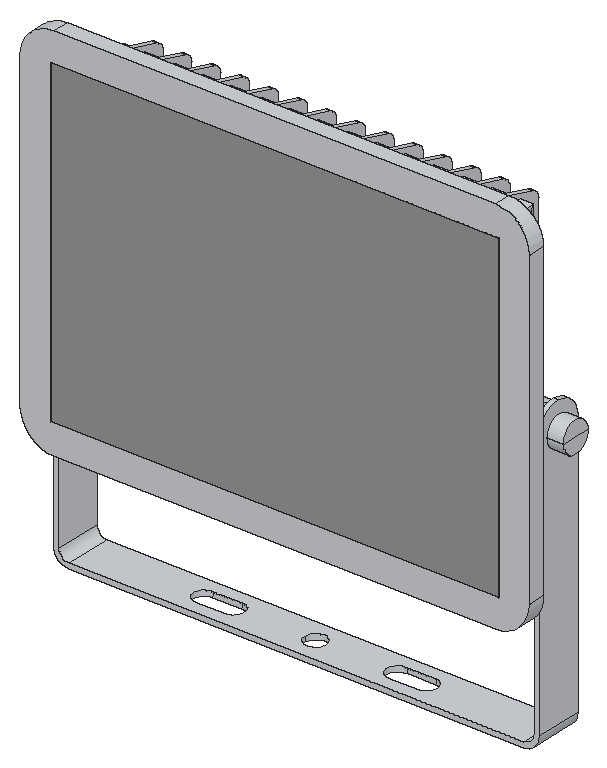
Revit family "SylFlood - 27W", category Lighting Fixtures, Revit 2017
Family settings
  Round Connector Dimension = Use Diameter
  Part Type = Normal
  OmniClass Number = 23.80.70.00
  OmniClass Title = Lighting
  Work Plane-Based = No
  Always vertical = Yes
  Cut with Voids When Loaded = No
  Light Source = Yes
  Shared = No
  Room Calculation Point = No
Parameters (values of type "0047107 SYLFLOOD IP65 3000LM 840 WHITE")
  Weight = "3.06 kg"
  Wattage = 27 W
  WarrantyStartDate [instance] = "n/a"
  WarrantyGuarantorParts = "n/a"
  WarrantyDurationUnit = "n/a"
  WarrantyDurationParts = "n/a"
  WarrantyDescription = "n/a"
  built-in parameter 1150110 = 1 (stored number, unit not read)
  Voltage = 0 V
  URL = "http://www.sylvania-lighting.com"
  TypeName = "SylFlood IP65 3000LM 840 White"
  built-in parameter 1114217 = 1 (stored number, unit not read)
  Tilt Angle = 0.00°
  built-in parameter 1150109 = 1 (stored number, unit not read)
  built-in parameter 1150134 = 12
  built-in parameter 1150113 = 1 (stored number, unit not read)
  SerialNumber [instance] = "n/a"
  PowerFactor = 0.9
  PowerConsumption = "27 W"
  Photometric Web File = "0047107.ies"
  NominalWidth = 0 mm
  NominalLength = 133 mm
  NominalHeight = 28 mm
  Name = "SylFlood IP65 3000LM 840 White"
  ModelReference = "SylFlood IP65 3000LM 840 White"
  ModelNumber = "0047107"
  Model = "SylFlood IP65 3000LM 840 White"
  Material_4_FEILO = none
  Material_3_FEILO = none
  Material_2_FEILO = Default New Material
  Material_1_FEILO = none
  Material = "n/a"
  ManufacturerName = "Feilo Sylvania"
  Manufacturer = "Feilo Sylvania"
  LuminousEfficacy = "111 lm/W"
  Lumens = 2997 lm
  LuminaireType = ""
  built-in parameter 1150115 = 1 (stored number, unit not read)
  built-in parameter 1150105 = -3340156.5 (stored number, unit not read)
  LightOutputRatio = "n/a"
  built-in parameter 1150137 = (empty or 0)
  built-in parameter 1150139 = (empty or 0)
  LampsType = "LED"
  LampNominalLuminous = "3000 lm"
  LampMacAdamStep = "5"
  LampColourTemperature = "4000 K"
  LampColourRenderingIndex = "80"
  built-in parameter 1150112 = 1 (stored number, unit not read)
  built-in parameter 1150114 = 1 (stored number, unit not read)
  Lamp = "LED"
  LUM_WIDTH_SYL = 75 mm  # constant formula
  LUM_HEIGHT_SYL = 56 mm  # constant formula
  LUM_EXTR_ST_SYL = -5 mm
  LUM_EXTR_END_SYL = 0 mm
  LUM_DEPTH_SYL = 28 mm
  Keynote = "16500"
  InstallationDate [instance] = "n/a"
  InputVoltage = "n/a"
  InputNominalFrequency = "n/a"
  built-in parameter 1150132 = 2
  built-in parameter 1150102 = (empty or 0)
  built-in parameter 1150138 = (empty or 0)
  built-in parameter 1150107 = 4000 (stored number, unit not read)
  IngressProtection = "IP65"
  ImpactProtectionIndex = "IK06"
  built-in parameter 1150106 = -33401.6 (stored number, unit not read)
  IfcExportType = "IfcLightFixtureType"
  IfcExportAs = "IfcLightFixtureType"
  ElectricShockClassification = "Class I"
  built-in parameter 1150104 = 10.312 (stored number, unit not read)
  DocumentationLiterature = "http://www.sylvania-lighting.com/product/en-int/products/0047107"
  DimmingControlOptions = "n/a"
  Dimming Lamp Color Temperature Shift = <None>
  DIF_WIDTH_SYL = 66 mm  # constant formula
  DIF_HEIGHT_SYL = 47.5 mm  # constant formula
  CreatedOn = "44168"
  CreatedBy = "@sylvania-lighting.com"
  Color Filter = 16777215
  ClassificationValue = "EF_70_80"
  ClassificationName = "Uniclass2015"
  CABLE_SIDE_DIST_SYL = 44 mm
  CABLE_LENGTH_SYL = 5 mm
  CABLE_FRONT_DIST_SYL = 17.5 mm
  CABLES_DIST_SYL = 56 mm
  BarCode [instance] = "n/a"
  built-in parameter 1114218 = 1 (stored number, unit not read)
  B_RAIL_R_DIST_SYL = 7 mm
  B_RAIL_HEIGHT_SYL = 27 mm
  B_RAIL_DEPTH_SYL = 44 mm
  B_RAIL_CHAMFER_SYL = 7 mm
  BRACKET_HOLDER_WIDTH_SYL = 12 mm
  BRACKET_HOLDER_HEIGHT_SYL = 17 mm
  BRACKET_HOLDER_DIST_SIDE_SYL = 2.8 mm
  BRACKET_HOLDER_DIST_BOTT_SYL = 42 mm
  BRACKET_HOLDER_DEPTH_SYL = 5.7 mm
  BOX_WIDTH_SYL = 60.5 mm
  BOX_TOP_DIST_SYL = 10.5 mm
  BOX_DEPTH_SYL = 14 mm
  BOX_BOTT_DIST_SYL = 28 mm
  BACK_RAIL_WIDTH_SYL = 1.4 mm
  BACK_RAIL_SIDE_DIST_SYL = 19 mm
  BACK_PL_EXTR_ST_SYL = -6 mm
  BACK_PL_EXTR_ST(-1)_SYL = BACK_PL_EXTR_ST_SYL * (-1)  # 6 mm
  BACK_PL_EXTR_END_SYL = -3 mm
  BACK_PL_EXTR_END(-1)_SYL = BACK_PL_EXTR_END_SYL * (-1)  # 3 mm
  built-in parameter 1150133 = 10 (stored number, unit not read)
  AssetType = "Fixed"
  AssetIdentifier [instance] = "n/a"
  Assembly Code = "D5020200"
  Apparent Load = 27 VA
  0_18W_SYL = yes
Types (4, lengths in mm): name | TypeName | built-in parameter 1150134 | Photometric Web File | Name | ModelReference | ModelNumber | Model | LuminousEfficacy | Lumens | built-in parameter 1150105 | LampNominalLuminous | LampColourTemperature | built-in parameter 1150107 | built-in parameter 1150106 | built-in parameter 1150104 | DocumentationLiterature
  0047107 SYLFLOOD IP65 3000LM 840 WHITE | "SylFlood IP65 3000LM 840 White" | 12 | "0047107.ies" | "SylFlood IP65 3000LM 840 White" | "SylFlood IP65 3000LM 840 White" | "0047107" | "SylFlood IP65 3000LM 840 White" | "111 lm/W" | 2997 lm | -3340156.5 (stored number, unit not read) | "3000 lm" | "4000 K" | 4000 (stored number, unit not read) | -33401.6 (stored number, unit not read) | 10.312 (stored number, unit not read) | "http://www.sylvania-lighting.com/product/en-int/products/0047107"
  0047106 SYLFLOOD IP65 2850LM 830 WHITE | "SylFlood IP65 2850LM 830 White" | (empty or 0) | "0047106.ies" | "SylFlood IP65 2850LM 830 White" | "SylFlood IP65 2850LM 830 White" | "0047106" | "SylFlood IP65 2850LM 830 White" | "106 lm/W" | 2862 lm | -3030228.4 (stored number, unit not read) | "2850 lm" | "3000 K" | 3000 (stored number, unit not read) | -30302.3 (stored number, unit not read) | 9.8477 (stored number, unit not read) | "http://www.sylvania-lighting.com/product/en-int/products/0047106"
  0047105 SYLFLOOD IP65 3000LM 840 BLACK | "SylFlood IP65 3000LM 840 Black" | 12 | "0047105.ies" | "SylFlood IP65 3000LM 840 Black" | "SylFlood IP65 3000LM 840 Black" | "0047105" | "SylFlood IP65 3000LM 840 Black" | "111 lm/W" | 2997 lm | -3340156.5 (stored number, unit not read) | "3000 lm" | "4000 K" | 4000 (stored number, unit not read) | -33401.6 (stored number, unit not read) | 10.312 (stored number, unit not read) | "http://www.sylvania-lighting.com/product/en-int/products/0047105"
  0047104 SYLFLOOD IP65 2850LM 830 BLACK | "SylFlood IP65 2850LM 830 Black" | (empty or 0) | "0047104.ies" | "SylFlood IP65 2850LM 830 Black" | "SylFlood IP65 2850LM 830 Black" | "0047104" | "SylFlood IP65 2850LM 830 Black" | "106 lm/W" | 2862 lm | -3030228.4 (stored number, unit not read) | "2850 lm" | "3000 K" | 3000 (stored number, unit not read) | -30302.3 (stored number, unit not read) | 9.8477 (stored number, unit not read) | "http://www.sylvania-lighting.com/product/en-int/products/0047104"
Reference planes
  plane 1 "Light Source Axis (F/B)": y = 0
  plane 2: z = 0
  plane 3 "Light Source Axis (L/R)": x = 0
  plane 4 "Light Source Elevation": z = -0.469
  plane 5: x = 75
  plane 6: x = -75
  plane 7: z = 56
  plane 8: z = -56
  plane 9: x = 66
  plane 10: x = -66
  plane 11: z = 47.5
  plane 12: z = -47.5
  plane 13: y = 6
  plane 14: y = 3
  plane 15: x = -60.5
  plane 16: x = 60.5
  plane 17: y = 20
  plane 18: z = 45.5
  plane 19: z = -28
  plane 20: y = 28
  plane 21: z = -14
  plane 22: z = -2
  plane 23: y = 21
  plane 24: x = 54.2
  plane 25: x = 39.5
  plane 26: x = 31
  plane 27: x = -25
  plane 28: y = 14
  plane 29: z = -38
  plane 30: y = 27
  plane 31: z = 16
  plane 32: z = 9
  plane 33: x = 56
  plane 34: x = 54.6
  plane 35: x = 47.6
  plane 36: x = 20.8
  plane 37: x = 13.8
  plane 38: x = 12.4
  plane 39: x = 5.4
  plane 40: x = 4
  plane 41: z = -50.4
  plane 42: x = 64
  plane 43: x = 70
  plane 44: z = -59.1
Forms (mm)
  Extrusion 1, solid
    sketch origin (0, 0, 0) x (1, 0, 0) y (0, 0, 1)
      loop
        arc (-65, 56) -> (-72.071, 53.071) -> (-75, 46) r 10
        line (-75, 46) -> (-75, -46)
        arc (-75, -46) -> (-72.071, -53.071) -> (-65, -56) r 10
        line (-65, -56) -> (65, -56)
        arc (65, -56) -> (72.071, -53.071) -> (75, -46) r 10
        line (75, -46) -> (75, 46)
        arc (75, 46) -> (72.071, 53.071) -> (65, 56) r 10
        line (65, 56) -> (-65, 56)
      loop
        line (-66, 47.5) -> (-66, -47.5) -> (66, -47.5) -> (66, 47.5) -> (-66, 47.5)
    from -5 <- "LUM_EXTR_ST_SYL" to 0 <- "LUM_EXTR_END_SYL"
  Extrusion 2, solid, material "Default New Material" <- "Material_2_FEILO"
    sketch origin (0, 0, 0) x (1, 0, 0) y (0, 0, 1)
      loop
        line (-66, 47.5) -> (-66, -47.5) -> (66, -47.5) -> (66, 47.5) -> (-66, 47.5)
    from -3 <- "BACK_PL_EXTR_END_SYL" to 0 <- "LUM_EXTR_END_SYL"
  Extrusion 3, solid
    sketch origin (0, 0, 0) x (1, 0, 0) y (0, 0, 1)
      loop
        line (66, 47.5) -> (-66, 47.5) -> (-66, -47.5) -> (66, -47.5) -> (66, 47.5)
    from -6 <- "BACK_PL_EXTR_ST_SYL" to -3 <- "BACK_PL_EXTR_END_SYL"
  Extrusion 4, solid
    sketch origin (0, 0, 0) x (1, 0, 0) y (0, 1, 0)
      loop
        arc (-59.5, 20) -> (-60.207, 19.707) -> (-60.5, 19) r 1
        line (-60.5, 19) -> (-60.5, 6) -> (60.5, 6) -> (60.5, 19)
        arc (60.5, 19) -> (60.207, 19.707) -> (59.5, 20) r 1
        line (59.5, 20) -> (-59.5, 20)
    from -28 to 45.5
  Extrusion 5, solid
    sketch origin (0, 0, 0) x (1, 0, 0) y (0, 1, 0)
      loop
        arc (-52.5, 28) -> (-58.157, 25.657) -> (-60.5, 20) r 8
        line (-60.5, 20) -> (-60.5, 6) -> (60.5, 6) -> (60.5, 20)
        arc (60.5, 20) -> (58.157, 25.657) -> (52.5, 28) r 8
        line (52.5, 28) -> (-52.5, 28)
    from -47.5 to -28
  Extrusion 6, solid
    sketch origin (0, 0, 0) x (0, 1, 0) y (0, 0, 1)
      loop
        line (5, -2) -> (5, -14) -> (15, -14)
        arc (15, -14) -> (19.243, -12.243) -> (21, -8) r 6
        arc (21, -8) -> (19.243, -3.757) -> (15, -2) r 6
        line (15, -2) -> (5, -2)
      loop
        circle (15, -8) r 2.5
    from 64 to 70
  Extrusion 7, solid
    sketch origin (0, 0, 0) x (1, 0, 0) y (0, 1, 0)
      loop
        circle (-25, 14) r 7
      loop
        circle (31, 14) r 9
    from -59.1 to -47.5
  Extrusion 8, solid
    sketch origin (-75.017, 5.639, -10.469) x (0, 1, 0) y (0, 0, -1)
      loop
        line (-0.625, 17.969) -> (-0.625, -34.188) -> (-0.625, -61.668) -> (19.238, -55.969)
        arc (19.238, -55.969) -> (20.908, -54.706) -> (21.299, -52.649) r 2.911
        line (21.299, -52.649) -> (21.299, 17.969) -> (-0.625, 17.969)
    from -131.017 to -129.617
  Extrusion 9, solid
    sketch origin (0, 0, 0) x (0, 1, 0) y (0, 0, -1)
      loop
        line (5, 2) -> (15, 2)
        arc (15, 2) -> (19.243, 3.757) -> (21, 8) r 6
        arc (21, 8) -> (19.243, 12.243) -> (15, 14) r 6
        line (15, 14) -> (5, 14) -> (5, 2)
      loop
        circle (15, 8) r 2.5
    from 64 to 70
  Extrusion 10, solid
    sketch origin (75.017, 5.639, -10.469) x (0, 1, 0) y (0, 0, 1)
      loop
        line (-0.625, -17.969) -> (21.299, -17.969) -> (21.299, 52.649)
        arc (21.299, 52.649) -> (20.908, 54.706) -> (19.238, 55.969) r 2.911
        line (19.238, 55.969) -> (-0.625, 61.668) -> (-0.625, 34.188) -> (-0.625, -17.969)
    from -131.017 to -129.617
  Extrusion 11, solid
    sketch origin (-185.617, 5.639, -10.469) x (0, 1, 0) y (0, 0, -1)
      loop
        line (-0.625, 17.969) -> (-0.625, -34.188) -> (-0.625, -61.668) -> (19.238, -55.969)
        arc (19.238, -55.969) -> (20.908, -54.706) -> (21.299, -52.649) r 2.911
        line (21.299, -52.649) -> (21.299, 17.969) -> (-0.625, 17.969)
    from -131.017 to -129.617
  Extrusion 12, solid
    sketch origin (-83.524, 5.639, -10.469) x (0, 1, 0) y (0, 0, -1)
      loop
        line (-0.625, 17.969) -> (-0.625, -34.188) -> (-0.625, -61.668) -> (19.238, -55.969)
        arc (19.238, -55.969) -> (20.908, -54.706) -> (21.299, -52.649) r 2.911
        line (21.299, -52.649) -> (21.299, 17.969) -> (-0.625, 17.969)
    from -131.017 to -129.617
  Extrusion 13, solid
    sketch origin (-92.032, 5.639, -10.469) x (0, 1, 0) y (0, 0, -1)
      loop
        line (-0.625, 17.969) -> (-0.625, -34.188) -> (-0.625, -61.668) -> (19.238, -55.969)
        arc (19.238, -55.969) -> (20.908, -54.706) -> (21.299, -52.649) r 2.911
        line (21.299, -52.649) -> (21.299, 17.969) -> (-0.625, 17.969)
    from -131.017 to -129.617
  Extrusion 14, solid
    sketch origin (-100.54, 5.639, -10.469) x (0, 1, 0) y (0, 0, -1)
      loop
        line (-0.625, 17.969) -> (-0.625, -34.188) -> (-0.625, -61.668) -> (19.238, -55.969)
        arc (19.238, -55.969) -> (20.908, -54.706) -> (21.299, -52.649) r 2.911
        line (21.299, -52.649) -> (21.299, 17.969) -> (-0.625, 17.969)
    from -131.017 to -129.617
  Extrusion 15, solid
    sketch origin (-109.047, 5.639, -10.469) x (0, 1, 0) y (0, 0, -1)
      loop
        line (-0.625, 17.969) -> (-0.625, -34.188) -> (-0.625, -61.668) -> (19.238, -55.969)
        arc (19.238, -55.969) -> (20.908, -54.706) -> (21.299, -52.649) r 2.911
        line (21.299, -52.649) -> (21.299, 17.969) -> (-0.625, 17.969)
    from -131.017 to -129.617
  Extrusion 16, solid
    sketch origin (-117.555, 5.639, -10.469) x (0, 1, 0) y (0, 0, -1)
      loop
        line (-0.625, 17.969) -> (-0.625, -34.188) -> (-0.625, -61.668) -> (19.238, -55.969)
        arc (19.238, -55.969) -> (20.908, -54.706) -> (21.299, -52.649) r 2.911
        line (21.299, -52.649) -> (21.299, 17.969) -> (-0.625, 17.969)
    from -131.017 to -129.617
  Extrusion 17, solid
    sketch origin (-126.063, 5.639, -10.469) x (0, 1, 0) y (0, 0, -1)
      loop
        line (-0.625, 17.969) -> (-0.625, -34.188) -> (-0.625, -61.668) -> (19.238, -55.969)
        arc (19.238, -55.969) -> (20.908, -54.706) -> (21.299, -52.649) r 2.911
        line (21.299, -52.649) -> (21.299, 17.969) -> (-0.625, 17.969)
    from -131.017 to -129.617
  Extrusion 18, solid
    sketch origin (-134.571, 5.639, -10.469) x (0, 1, 0) y (0, 0, -1)
      loop
        line (-0.625, 17.969) -> (-0.625, -34.188) -> (-0.625, -61.668) -> (19.238, -55.969)
        arc (19.238, -55.969) -> (20.908, -54.706) -> (21.299, -52.649) r 2.911
        line (21.299, -52.649) -> (21.299, 17.969) -> (-0.625, 17.969)
    from -131.017 to -129.617
  Extrusion 19, solid
    sketch origin (-143.078, 5.639, -10.469) x (0, 1, 0) y (0, 0, -1)
      loop
        line (-0.625, 17.969) -> (-0.625, -34.188) -> (-0.625, -61.668) -> (19.238, -55.969)
        arc (19.238, -55.969) -> (20.908, -54.706) -> (21.299, -52.649) r 2.911
        line (21.299, -52.649) -> (21.299, 17.969) -> (-0.625, 17.969)
    from -131.017 to -129.617
  Extrusion 20, solid
    sketch origin (-151.586, 5.639, -10.469) x (0, 1, 0) y (0, 0, -1)
      loop
        line (-0.625, 17.969) -> (-0.625, -34.188) -> (-0.625, -61.668) -> (19.238, -55.969)
        arc (19.238, -55.969) -> (20.908, -54.706) -> (21.299, -52.649) r 2.911
        line (21.299, -52.649) -> (21.299, 17.969) -> (-0.625, 17.969)
    from -131.017 to -129.617
  Extrusion 21, solid
    sketch origin (-160.094, 5.639, -10.469) x (0, 1, 0) y (0, 0, -1)
      loop
        line (-0.625, 17.969) -> (-0.625, -34.188) -> (-0.625, -61.668) -> (19.238, -55.969)
        arc (19.238, -55.969) -> (20.908, -54.706) -> (21.299, -52.649) r 2.911
        line (21.299, -52.649) -> (21.299, 17.969) -> (-0.625, 17.969)
    from -131.017 to -129.617
  Extrusion 22, solid
    sketch origin (-168.601, 5.639, -10.469) x (0, 1, 0) y (0, 0, -1)
      loop
        line (-0.625, 17.969) -> (-0.625, -34.188) -> (-0.625, -61.668) -> (19.238, -55.969)
        arc (19.238, -55.969) -> (20.908, -54.706) -> (21.299, -52.649) r 2.911
        line (21.299, -52.649) -> (21.299, 17.969) -> (-0.625, 17.969)
    from -131.017 to -129.617
  Extrusion 23, solid
    sketch origin (-177.109, 5.639, -10.469) x (0, 1, 0) y (0, 0, -1)
      loop
        line (-0.625, 17.969) -> (-0.625, -34.188) -> (-0.625, -61.668) -> (19.238, -55.969)
        arc (19.238, -55.969) -> (20.908, -54.706) -> (21.299, -52.649) r 2.911
        line (21.299, -52.649) -> (21.299, 17.969) -> (-0.625, 17.969)
    from -131.017 to -129.617
Cuts and joins
  joined: Extrusion 1, Extrusion 3, Extrusion 4, Extrusion 5
Dimensions and locks
  "LUM_WIDTH_SYL": plane 5 to plane 3 "Light Source Axis (L/R)" to plane 6
  "LUM_HEIGHT_SYL": plane 7 to plane 2 to plane 8
  "DIF_WIDTH_SYL": plane 9 to plane 3 "Light Source Axis (L/R)" to plane 10
  "DIF_HEIGHT_SYL": plane 11 to plane 2 to plane 12
  "BACK_PL_EXTR_ST(-1)_SYL": plane 1 "Light Source Axis (F/B)" to plane 13
  "BACK_PL_EXTR_END(-1)_SYL": plane 1 "Light Source Axis (F/B)" to plane 14
  "BOX_WIDTH_SYL": plane 15 to plane 3 "Light Source Axis (L/R)" to plane 16
  "BOX_DEPTH_SYL": plane 13 to plane 17
  "BOX_TOP_DIST_SYL": plane 18 to plane 7
  "BOX_BOTT_DIST_SYL": plane 8 to plane 19
  "LUM_DEPTH_SYL": plane 1 "Light Source Axis (F/B)" to plane 20
  "BRACKET_HOLDER_DIST_BOTT_SYL": plane 21 to plane 8
  "BRACKET_HOLDER_WIDTH_SYL": plane 22 to plane 21
  cut or joined group of Extrusion 1, Extrusion 3, Extrusion 4, Extrusion 5 to plane 23 = 15 mm
  cut or joined group of Extrusion 1, Extrusion 3, Extrusion 4, Extrusion 5 to plane 24 = 20.8 mm
  plane 25 to plane 24 = 14.7 mm
  "CABLES_DIST_SYL": plane 27 to plane 26
  "CABLE_SIDE_DIST_SYL": plane 26 to plane 5
  cut or joined group of Extrusion 1, Extrusion 3, Extrusion 4, Extrusion 5 to plane 28 = 14 mm
  cut or joined group of Extrusion 1, Extrusion 3, Extrusion 4, Extrusion 5 to plane 29 = 18 mm
  "B_RAIL_HEIGHT_SYL": plane 30 to plane 1 "Light Source Axis (F/B)"
  "B_RAIL_DEPTH_SYL": plane 31 to plane 19
  "B_RAIL_CHAMFER_SYL": plane 31 to plane 32
  "BACK_RAIL_SIDE_DIST_SYL": plane 5 to plane 33
  "BACK_RAIL_WIDTH_SYL": plane 33 to plane 34
  "B_RAIL_R_DIST_SYL": plane 34 to plane 35
  "B_RAIL_R_DIST_SYL": plane 36 to plane 37
  "BACK_RAIL_WIDTH_SYL": plane 37 to plane 38
  "BACK_RAIL_WIDTH_SYL": plane 39 to plane 40
  "B_RAIL_R_DIST_SYL": plane 38 to plane 39
  plane 35 to plane 26 = 16.6 mm
  equal spacing: group 2, group 14, group 13, group 12, group 11, group 10, group 9, group 8, group 7, group 6, group 5, group 4, group 3, group 1
  equal spacing: group 1, group 3, group 4, group 5, group 6, group 7, group 8, group 9, group 10, group 11, group 12, group 13, group 14, group 2  (x2)
  aligned and locked: plane 4 "Light Source Elevation" to imposter light
  aligned and locked: level to plane 2
  aligned and locked: Extrusion 1 sketch curve to plane 7
  aligned and locked: plane 6 to Extrusion 1 sketch curve
  aligned and locked: plane 8 to Extrusion 1 sketch curve
  aligned and locked: Extrusion 1 sketch curve to plane 5
  aligned and locked: Extrusion 1 sketch curve to plane 11
  aligned and locked: plane 10 to Extrusion 1 sketch curve
  aligned and locked: plane 12 to Extrusion 1 sketch curve
  aligned and locked: Extrusion 1 sketch curve to plane 9
  aligned and locked: Extrusion 2 sketch curve to Extrusion 1  (x4)
  aligned and locked: Extrusion 3 sketch curve to Extrusion 1  (x4)
  aligned and locked: Extrusion 3 to Extrusion 2
  aligned and locked: plane 17 to Extrusion 4 sketch curve
  aligned and locked: plane 15 to Extrusion 4 sketch curve
  aligned and locked: Extrusion 4 sketch curve to plane 13
  aligned and locked: Extrusion 4 sketch curve to plane 16
  aligned and locked: plane 18 to Extrusion 4
  aligned and locked: Extrusion 4 to plane 19
  aligned and locked: plane 20 to Extrusion 5 sketch curve
  aligned and locked: plane 15 to Extrusion 5 sketch curve
  aligned and locked: cut or joined group of Extrusion 1, Extrusion 3, Extrusion 4, Extrusion 5 to Extrusion 5 sketch curve
  aligned and locked: Extrusion 5 sketch curve to cut or joined group of Extrusion 1, Extrusion 3, Extrusion 4, Extrusion 5
  aligned and locked: plane 19 to Extrusion 5
  aligned and locked: Extrusion 5 to plane 12
  aligned and locked: Extrusion 6 sketch curve to plane 22
  aligned and locked: plane 21 to Extrusion 6 sketch curve
  aligned and locked: Extrusion 7 to Extrusion 2
  aligned and locked: Extrusion 6 to cut or joined group of Extrusion 1, Extrusion 3, Extrusion 4, Extrusion 5
  aligned and locked: plane 42 to Extrusion 6
  aligned and locked: Extrusion 6 to plane 43
  aligned and locked: Extrusion 7 to plane 44
  aligned and locked: plane 33 to Extrusion 8
  aligned and locked: Extrusion 8 to plane 34
Automatic sketch dimensions
  plane 18 to Extrusion 1 sketch curve = 0.5 mm  (x2)
  plane 10 to Extrusion 1 sketch curve = 1 mm
  Extrusion 1 sketch curve to plane 9 = 1 mm
  plane 15 to Extrusion 4 sketch curve = 1 mm
  Extrusion 4 sketch curve to plane 16 = 1 mm
  Extrusion 5 sketch curve to plane 15 = 0 mm
  plane 28 to Extrusion 5 sketch curve = 6 mm  (x2)
  Extrusion 6 sketch curve to Extrusion 6 sketch curve = 0 mm  (x5)
  Extrusion 6 sketch curve to plane 23 = 0 mm
  plane 13 to Extrusion 6 sketch curve = 1 mm
  Extrusion 7 sketch curve to plane 27 = 0 mm
  Extrusion 7 sketch curve to plane 26 = 0 mm
  Extrusion 7 sketch curve to plane 28 = 0 mm  (x2)
  Extrusion 9 sketch curve to Extrusion 9 sketch curve = 0 mm  (x6)
  Extrusion 9 sketch curve to plane 21 = 0 mm
  Extrusion 9 sketch curve to plane 22 = 0 mm
  Extrusion 9 sketch curve to plane 23 = 0 mm
  plane 13 to Extrusion 9 sketch curve = 1 mm
  Extrusion 10 sketch curve to plane 18 = 0 mm
  Extrusion 10 sketch curve to plane 19 = 0.438 mm
  plane 13 to Extrusion 10 sketch curve = 0.986 mm
  plane 30 to Extrusion 10 sketch curve = 2.927 mm
  plane 30 to Extrusion 10 sketch curve = 2.124 mm
  plane 30 to Extrusion 10 sketch curve = 0.062 mm
  plane 31 to Extrusion 10 sketch curve = 7.719 mm
  Extrusion 10 sketch curve to plane 18 = 3.32 mm
  Extrusion 8 sketch curve to Extrusion 8 sketch curve = 19.06 mm
  Extrusion 8 sketch curve to Extrusion 8 sketch curve = 0.803 mm
  Extrusion 8 sketch curve to Extrusion 8 sketch curve = 21.924 mm
  Extrusion 8 sketch curve to Extrusion 8 sketch curve = 5.699 mm
  Extrusion 8 sketch curve to Extrusion 8 sketch curve = 18.983 mm
  Extrusion 8 sketch curve to Extrusion 8 sketch curve = 52.156 mm
  Extrusion 11 sketch curve to Extrusion 11 sketch curve = 19.06 mm
  Extrusion 11 sketch curve to Extrusion 11 sketch curve = 0.803 mm
  Extrusion 11 sketch curve to Extrusion 11 sketch curve = 21.924 mm
  Extrusion 11 sketch curve to Extrusion 11 sketch curve = 5.699 mm
  Extrusion 11 sketch curve to Extrusion 11 sketch curve = 18.983 mm
  Extrusion 11 sketch curve to Extrusion 11 sketch curve = 52.156 mm
  Extrusion 12 sketch curve to Extrusion 12 sketch curve = 19.06 mm
  Extrusion 12 sketch curve to Extrusion 12 sketch curve = 0.803 mm
  Extrusion 12 sketch curve to Extrusion 12 sketch curve = 21.924 mm
  Extrusion 12 sketch curve to Extrusion 12 sketch curve = 5.699 mm
  Extrusion 12 sketch curve to Extrusion 12 sketch curve = 18.983 mm
  Extrusion 12 sketch curve to Extrusion 12 sketch curve = 52.156 mm
  Extrusion 13 sketch curve to Extrusion 13 sketch curve = 19.06 mm
  Extrusion 13 sketch curve to Extrusion 13 sketch curve = 0.803 mm
  Extrusion 13 sketch curve to Extrusion 13 sketch curve = 21.924 mm
  Extrusion 13 sketch curve to Extrusion 13 sketch curve = 5.699 mm
  Extrusion 13 sketch curve to Extrusion 13 sketch curve = 18.983 mm
  Extrusion 13 sketch curve to Extrusion 13 sketch curve = 52.156 mm
  Extrusion 14 sketch curve to Extrusion 14 sketch curve = 19.06 mm
  Extrusion 14 sketch curve to Extrusion 14 sketch curve = 0.803 mm
  Extrusion 14 sketch curve to Extrusion 14 sketch curve = 21.924 mm
  Extrusion 14 sketch curve to Extrusion 14 sketch curve = 5.699 mm
  Extrusion 14 sketch curve to Extrusion 14 sketch curve = 18.983 mm
  Extrusion 14 sketch curve to Extrusion 14 sketch curve = 52.156 mm
  Extrusion 15 sketch curve to Extrusion 15 sketch curve = 19.06 mm
  Extrusion 15 sketch curve to Extrusion 15 sketch curve = 0.803 mm
  Extrusion 15 sketch curve to Extrusion 15 sketch curve = 21.924 mm
  Extrusion 15 sketch curve to Extrusion 15 sketch curve = 5.699 mm
  Extrusion 15 sketch curve to Extrusion 15 sketch curve = 18.983 mm
  Extrusion 15 sketch curve to Extrusion 15 sketch curve = 52.156 mm
  Extrusion 16 sketch curve to Extrusion 16 sketch curve = 19.06 mm
  Extrusion 16 sketch curve to Extrusion 16 sketch curve = 0.803 mm
  Extrusion 16 sketch curve to Extrusion 16 sketch curve = 21.924 mm
  Extrusion 16 sketch curve to Extrusion 16 sketch curve = 5.699 mm
  Extrusion 16 sketch curve to Extrusion 16 sketch curve = 18.983 mm
  Extrusion 16 sketch curve to Extrusion 16 sketch curve = 52.156 mm
  Extrusion 17 sketch curve to Extrusion 17 sketch curve = 19.06 mm
  Extrusion 17 sketch curve to Extrusion 17 sketch curve = 0.803 mm
  Extrusion 17 sketch curve to Extrusion 17 sketch curve = 21.924 mm
  Extrusion 17 sketch curve to Extrusion 17 sketch curve = 5.699 mm
  Extrusion 17 sketch curve to Extrusion 17 sketch curve = 18.983 mm
  Extrusion 17 sketch curve to Extrusion 17 sketch curve = 52.156 mm
  Extrusion 18 sketch curve to Extrusion 18 sketch curve = 19.06 mm
  Extrusion 18 sketch curve to Extrusion 18 sketch curve = 0.803 mm
  Extrusion 18 sketch curve to Extrusion 18 sketch curve = 21.924 mm
  Extrusion 18 sketch curve to Extrusion 18 sketch curve = 5.699 mm
  Extrusion 18 sketch curve to Extrusion 18 sketch curve = 18.983 mm
  Extrusion 18 sketch curve to Extrusion 18 sketch curve = 52.156 mm
  Extrusion 19 sketch curve to Extrusion 19 sketch curve = 19.06 mm
  Extrusion 19 sketch curve to Extrusion 19 sketch curve = 0.803 mm
  Extrusion 19 sketch curve to Extrusion 19 sketch curve = 21.924 mm
  Extrusion 19 sketch curve to Extrusion 19 sketch curve = 5.699 mm
  Extrusion 19 sketch curve to Extrusion 19 sketch curve = 18.983 mm
  Extrusion 19 sketch curve to Extrusion 19 sketch curve = 52.156 mm
  Extrusion 20 sketch curve to Extrusion 20 sketch curve = 19.06 mm
  Extrusion 20 sketch curve to Extrusion 20 sketch curve = 0.803 mm
  Extrusion 20 sketch curve to Extrusion 20 sketch curve = 21.924 mm
  Extrusion 20 sketch curve to Extrusion 20 sketch curve = 5.699 mm
  Extrusion 20 sketch curve to Extrusion 20 sketch curve = 18.983 mm
  Extrusion 20 sketch curve to Extrusion 20 sketch curve = 52.156 mm
  Extrusion 21 sketch curve to Extrusion 21 sketch curve = 19.06 mm
  Extrusion 21 sketch curve to Extrusion 21 sketch curve = 0.803 mm
  Extrusion 21 sketch curve to Extrusion 21 sketch curve = 21.924 mm
  Extrusion 21 sketch curve to Extrusion 21 sketch curve = 5.699 mm
  Extrusion 21 sketch curve to Extrusion 21 sketch curve = 18.983 mm
  Extrusion 21 sketch curve to Extrusion 21 sketch curve = 52.156 mm
  Extrusion 22 sketch curve to Extrusion 22 sketch curve = 19.06 mm
  Extrusion 22 sketch curve to Extrusion 22 sketch curve = 0.803 mm
  Extrusion 22 sketch curve to Extrusion 22 sketch curve = 21.924 mm
  Extrusion 22 sketch curve to Extrusion 22 sketch curve = 5.699 mm
  Extrusion 22 sketch curve to Extrusion 22 sketch curve = 18.983 mm
  Extrusion 22 sketch curve to Extrusion 22 sketch curve = 52.156 mm
  Extrusion 23 sketch curve to Extrusion 23 sketch curve = 19.06 mm
  Extrusion 23 sketch curve to Extrusion 23 sketch curve = 0.803 mm
  Extrusion 23 sketch curve to Extrusion 23 sketch curve = 21.924 mm
  Extrusion 23 sketch curve to Extrusion 23 sketch curve = 5.699 mm
  Extrusion 23 sketch curve to Extrusion 23 sketch curve = 18.983 mm
  Extrusion 23 sketch curve to Extrusion 23 sketch curve = 52.156 mm
  radius of Extrusion 6 sketch curve = 2.5 mm
  radius of Extrusion 7 sketch curve = 7 mm
  radius of Extrusion 7 sketch curve = 9 mm
  radius of Extrusion 9 sketch curve = 2.5 mm
Nested families
  nested 1: "START Flood Flat - 27W_bracket" at (0, 15.031, -52.52), type "START Flood Flat - 27W_bracket"
  nested 2: "bolt" at (-71.5, 15.031, -8.02) x (-1, 0, 0) z (0, 0, 1), type "bolt"
  nested 3: "bolt" at (71.5, 15.031, -7.969), type "bolt"
Definition of nested family "START Flood Flat - 27W_bracket"
  Parameters (values of type "START Flood Flat - 27W_bracket")
    WIDTH_SYL = 143 mm
    THICKNESS_SYL = 1.5 mm
    Material_4_SYL = none
    Material_3_SYL = none
    Material_2_SYL = none
    Material_1_SYL = none
    HOLE_DIST_SYL = 8.5 mm
    HOLE2_DIST_SYL = 8 mm
    HEIGHT_SYL = 90 mm
    HALF_SYL = WIDTH_SYL / 2  # 71.5 mm
    FILLET_SYL = 7 mm
    DEPTH_2_SYL = -7 mm
    DEPTH_1_SYL = 7 mm
    CUTOUT_DIST_SYL = 24.2 mm
  Reference planes
    plane 1 "Center (Front/Back)": y = 0
    plane 2: z = 0
    plane 3 "Center (Left/Right)": x = 0
    plane 4: x = -71.5
    plane 5: x = 71.5
    plane 6: z = -37.5
    plane 7: z = 52.5
    plane 8: x = -70
    plane 9: z = -36
    plane 10: x = 70
    plane 11: z = 44.5
    plane 12: z = 45.5
    plane 13: x = 24.2
    plane 14: x = -24.2
    plane 15: x = 32.7
    plane 16: x = -32.7
  Forms (mm)
    Extrusion 1, solid
      sketch origin (0, 0, 0) x (1, 0, 0) y (0, 0, 1)
        loop
          arc (-71.5, -33) -> (-70.182, -36.182) -> (-67, -37.5) r 4.5
          line (-67, -37.5) -> (67, -37.5)
          arc (67, -37.5) -> (70.182, -36.182) -> (71.5, -33) r 4.5
          line (71.5, -33) -> (71.5, 52.5) -> (70, 52.5) -> (70, -33)
          arc (70, -33) -> (69.121, -35.121) -> (67, -36) r 3
          line (67, -36) -> (-67, -36)
          arc (-67, -36) -> (-69.121, -35.121) -> (-70, -33) r 3
          line (-70, -33) -> (-70, 52.5) -> (-71.5, 52.5) -> (-71.5, -33)
      from -7 <- "DEPTH_2_SYL" to 7 <- "DEPTH_1_SYL"
    Extrusion 2, void
      sketch origin (0, 0, 0) x (0, 1, 0) y (0, 0, 1)
        loop
          circle (0, 44.5) r 3.15
      from -71.5 to 71.5
    Extrusion 3, void
      sketch origin (0, 0, 0) x (0, 1, 0) y (0, 0, 1)
        loop
          line (7, 45.5) -> (14.83, 58.08) -> (-15.17, 58.08) -> (-7, 45.5)
          arc (-7, 45.5) -> (-4.95, 50.45) -> (0, 52.5) r 7
          arc (0, 52.5) -> (4.95, 50.45) -> (7, 45.5) r 7
      from -71.5 to 71.5
    Extrusion 4, void
      sketch origin (0, 0, 0) x (1, 0, 0) y (0, 1, 0)
        loop
          circle (0, 0) r 3.25
        loop
          arc (-32.7, 3.25) -> (-35.95, 0) -> (-32.7, -3.25) r 3.25
          line (-32.7, -3.25) -> (-24.2, -3.25)
          arc (-24.2, -3.25) -> (-20.95, 0) -> (-24.2, 3.25) r 3.25
          line (-24.2, 3.25) -> (-32.7, 3.25)
        loop
          line (24.2, -3.25) -> (32.7, -3.25)
          arc (32.7, -3.25) -> (35.95, 0) -> (32.7, 3.25) r 3.25
          line (32.7, 3.25) -> (24.2, 3.25)
          arc (24.2, 3.25) -> (20.95, 0) -> (24.2, -3.25) r 3.25
      from -54.767 to -28.006
  Cuts and joins
    Extrusion 2, Extrusion 3, Extrusion 4 cuts Extrusion 1
  Dimensions and locks
    "THICKNESS_SYL": plane 8 to plane 4
    "THICKNESS_SYL": plane 5 to plane 10
    "WIDTH_SYL": plane 5 to plane 4
    "HEIGHT_SYL": plane 7 to plane 6
    "FILLET_SYL": plane 7 to plane 12
    "CUTOUT_DIST_SYL": plane 14 to plane 3 "Center (Left/Right)" to plane 13
    "HOLE_DIST_SYL": plane 16 to plane 14
    "HOLE_DIST_SYL": plane 13 to plane 15
    "HOLE2_DIST_SYL": plane 7 to plane 11
    "HALF_SYL": plane 4 to plane 3 "Center (Left/Right)"
    aligned and locked: level to plane 2
    aligned and locked: plane 4 to Extrusion 1 sketch curve
    aligned and locked: plane 6 to Extrusion 1 sketch curve
    aligned and locked: Extrusion 1 sketch curve to plane 5
    aligned and locked: plane 8 to Extrusion 1 sketch curve
    aligned and locked: plane 9 to Extrusion 1 sketch curve
    aligned and locked: Extrusion 1 sketch curve to plane 10
    aligned and locked: plane 7 to Extrusion 1 sketch curve  (x2)
    aligned and locked: Extrusion 1 to Extrusion 2  (x2)
    aligned and locked: Extrusion 1 to Extrusion 3
    aligned and locked: Extrusion 3 to Extrusion 1
  Automatic sketch dimensions
    Extrusion 1 sketch curve to Extrusion 1 sketch curve = 0 mm
    plane 8 to Extrusion 1 sketch curve = 3 mm
    Extrusion 1 sketch curve to plane 10 = 3 mm
    Extrusion 1 sketch curve to Extrusion 1 sketch curve = 3 mm
    Extrusion 2 sketch curve to plane 1 "Center (Front/Back)" = 0 mm
    Extrusion 2 sketch curve to plane 11 = 0 mm
    Extrusion 3 sketch curve to Extrusion 3 sketch curve = 0 mm
    Extrusion 3 sketch curve to plane 12 = 0 mm
    Extrusion 3 sketch curve to plane 1 "Center (Front/Back)" = 0 mm
    Extrusion 3 sketch curve to plane 7 = 0 mm
    Extrusion 3 sketch curve to Extrusion 3 sketch curve = 8.17 mm
    plane 7 to Extrusion 3 sketch curve = 5.58 mm
    Extrusion 3 sketch curve to Extrusion 3 sketch curve = 7.83 mm
    plane 1 "Center (Front/Back)" to Extrusion 4 sketch curve = 0 mm  (x3)
    Extrusion 4 sketch curve to plane 16 = 0 mm
    Extrusion 4 sketch curve to plane 14 = 0 mm
    Extrusion 4 sketch curve to plane 3 "Center (Left/Right)" = 0 mm
    Extrusion 4 sketch curve to plane 13 = 0 mm
    Extrusion 4 sketch curve to plane 15 = 0 mm
    plane 1 "Center (Front/Back)" to Extrusion 4 sketch curve = 3.25 mm  (x2)
    radius of Extrusion 2 sketch curve = 3.15 mm
    radius of Extrusion 4 sketch curve = 3.25 mm
Definition of nested family "bolt"
  Parameters (values of type "bolt")
    Material_4_SYL = none
    Material_3_SYL = none
    Material_2_SYL = none
    Material_1_SYL = none
  Reference planes
    plane 1 "Center (Front/Back)": y = 0
    plane 2: z = 0
    plane 3 "Center (Left/Right)": x = 0
    plane 4: x = 5
    plane 5: x = -10
    plane 6: y = 2.5
    plane 7: y = -2.5
    plane 8: y = 4.5
    plane 9: y = -4.5
  Forms (mm)
    Revolve 1, solid
      sketch origin (0, 0, 0) x (1, 0, 0) y (0, 1, 0)
        loop
          line (5, 0) -> (-10, 0) -> (-10, -2.5) -> (0, -2.5) -> (0, -4.5) -> (5, -4.5) -> (5, 0)
        axis (5, 0) -> (-10, 0)
      angle from 0 to 360
  Dimensions and locks
    aligned and locked: level to plane 2
